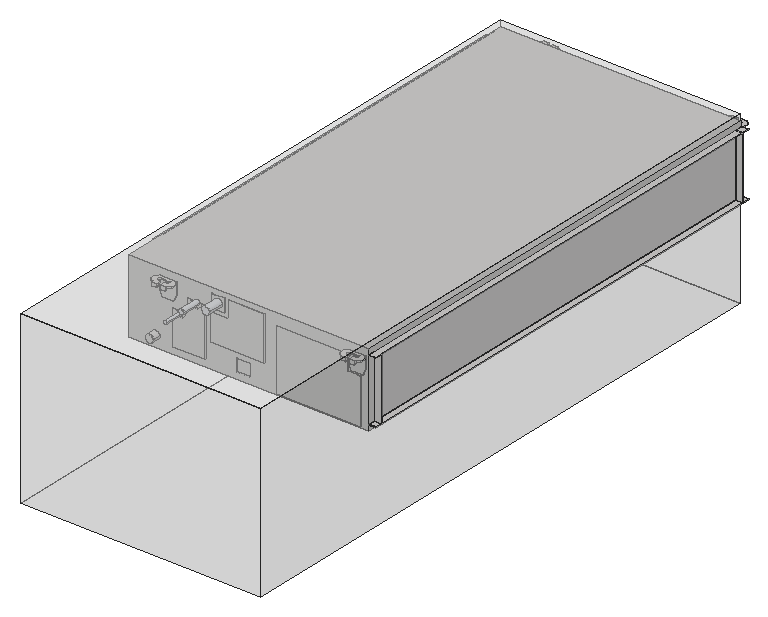
Revit family "outputfile", category 機械設備, Revit 2024
Family settings
  丸型コネクタ寸法 = 半径を使用
  パーツ タイプ = 標準
  OmniClass 番号 = 23.75.10.24.21.27.27
  OmniClass タイトル = Split System Air Conditioning Units
  作業面ベース = いいえ
  常に垂直 = はい
  ロード時にボイドで切り取り = いいえ
  注釈の向きを維持 = いいえ
  共有 = いいえ
  部屋計算ポイント = はい
Parameters (values of type "FXSQ140PAVS")
  Description = ""
  製造元 = "Daikin"
  書き出し IFC クラス(タイプ) = "IfcUnitaryEquipmentType"
  定義済み IFC タイプ(タイプ) = "AIRCONDITIONINGUNIT"
  Cost = 0
  モデル = "FXSQ140PAVS"
  Type Comments = ""
  Keynote = ""
  Type Image = (empty or 0)
  Assembly Code = ""
  r_Liquid Pipe Size = Liquid Pipe Size / 2  # 4.75 mm
  r_Gas Pipe Size = Gas Pipe Size / 2  # 7.95 mm
  r_Drain Pipe Size = Drain Pipe Size / 2  # 12.5 mm
  lw_power = 770.0 mm  # constant formula
  lh_SA = 138.0 mm  # constant formula
  lw_SA = if(Depth = 550.0 mm, 225.0 mm, if(Depth = 700.0 mm, 300.0 mm, if(Depth = 1000.0 mm, 450.0 mm, if(Depth = 1400.0 mm, 650.0 mm, 725.0 mm))))  # 725.0 mm
  lw_RA = if(Depth = 550.0 mm, 275.0 mm, if(Depth = 700.0 mm, 349.0 mm, if(Depth = 1000.0 mm, 499.0 mm, if(Depth = 1400.0 mm, 699.0 mm, 775.0 mm))))  # 775.0 mm
  lh_power = 60.0 mm + [h***]  # 60.0 mm
  lh_mountinghole1 = lh_mountinghole + [h***]  # 222.0 mm
  lh_RA = 123.0 mm  # constant formula
  ld_power = Depth / 2  # 775.0 mm
  Voltage_comment_50Hz = "220-240"
  Voltage_50Hz = 220 V
  URL = ""
  Supply Air Direction [instance] = yes
  Sound Power Level_H speed (dB) = 71
  Phase_50Hz = 1
  Minimum External Static Pressure = 50.00 Pa
  Minimum Circuit Amps_50Hz = 3.1 A
  Maximum Fuse Amps_50Hz = 16.0 A
  Maximum External Static Pressure = 140.00 Pa
  Material_Casing = DAIKIN_GalvanizedSteel_Casing_indoorunit
  lw_mountinghole = 630.0 mm  # constant formula
  lh_gaspipe = 183.0 mm + [h***]  # 183.0 mm
  lh_mountinghole = 222.0 mm  # constant formula
  lh_liquidpipe = 136.0 mm + [h***]  # 136.0 mm
  lh_drainpipe = 207.0 mm + [h***]  # 207.0 mm
  lh_antena = Height - lh_mountinghole + 1.0 mm  # 24.0 mm
  ld_drainpipe = Depth / 2 + 53.0 mm  # 828.0 mm
  ld_liquidpipe = Depth / 2 + 69.0 mm  # 844.0 mm
  ld_gaspipe = Depth / 2 + 65.0 mm  # 840.0 mm
  ld_mountinghole = Depth + 38.0 mm  # 1588.0 mm
  h*** = 0.0 mm  # constant formula
  lw_liquidpipe = 179.0 mm  # constant formula
  lw_gaspipe = 229.0 mm  # constant formula
  lw_drainpipe = 300.0 mm  # constant formula
  Width = 800.0 mm
  Version = "ver.1.0"
  Unit Type = "Middle Static Pressure Duct Type"
  Unit Mass Weight = 52.00 kg
  Unit Designation [instance] = ""
  Uniclass2015Version = "Products v1.30"
  Uniclass2015Title = "Variable refrigerant flow units"
  Uniclass2015Code = "Pr_70_65_03_94"
  Total Heating Capacity [instance] = 0.000 kW
  Total Cooling Capacity [instance] = 0.000 kW
  Sound Pressure Level_M speed (dBA) = 0
  Sound Pressure Level_L speed (dBA) = 36
  Sound Pressure Level_H speed (dBA) = 43
  Series = "VRV Fan Coil Unit"
  Sensible Cooling Capacity [instance] = 0.000 kW
  SA Duct Size Width = if(Depth = 550.0 mm, 337.0 mm, if(Depth = 700.0 mm, 492.0 mm, if(Depth = 1000.0 mm, 792.0 mm, if(Depth = 1400.0 mm, 1192.0 mm, 1337.0 mm))))  # 1337.0 mm
  SA Duct Size Height = 176.0 mm
  Refrigerant Type = "R410A"
  RA Duct Size Width = if(Depth = 550.0 mm, 502.0 mm, if(Depth = 700.0 mm, 654.0 mm, if(Depth = 1000.0 mm, 952.0 mm, if(Depth = 1400.0 mm, 1352.0 mm, 1502.0 mm))))  # 1502.0 mm
  RA Duct Size Height = 208.0 mm
  Power Input (Heating) = 0.406 kW
  Power Input (Cooling) = 0.411 kW
  Option Accessory 3 [instance] = ""
  Option Accessory 2 [instance] = ""
  Option Accessory 1 [instance] = ""
  Nominal Heating Capacity = 18.000 kW
  Nominal Cooling Capacity = 16.000 kW
  Minimum Airflow = 1680.00 m³/h
  Median Airflow = 2010.00 m³/h
  Maximum Airflow = 2340.00 m³/h
  Load Classification = HVAC
  Liquid Pipe Size = 9.5 mm
  Link_Nested Family [instance] = ""
  IfcVersion = "0"
  IfcExportType = "AIRCONDITIONINGUNIT"
  IfcExportAs = "IfcUnitaryEquipmentType"
  Height = 245.0 mm
  Heating Entering Wet Bulb Temperature [instance] = 0.00 °C
  Heating Entering Dry Bulb Temperature [instance] = 0.00 °C
  Heating Ambient Wet Bulb Temperature [instance] = 0.00 °C
  Heating Ambient Dry Bulb Temperature [instance] = 0.00 °C
  Heat Exchanger Type = "Cross Fin Coil"
  Gas Pipe Size = 15.9 mm
  Frequency_50Hz = 50 Hz
  Fan Type = "Sirocco Fan"
  Fan Drive = "Direct Drive"
  FCU Tag No. [instance] = ""
  Drain Pipe Size = 25.0 mm
  Design Supply Airflow [instance] = 0.00 m³/h
  Design Return Airflow [instance] = 0.00 m³/h
  Design External Static Pressure [instance] = 0.00 Pa
  Depth = 1550.0 mm
  既定の高さ = 0.0 mm
  Cooling Entering Wet Bulb Temperature [instance] = 0.00 °C
  Cooling Entering Dry Bulb Temperature [instance] = 0.00 °C
  Cooling Ambient Wet Bulb Temperature [instance] = 0.00 °C
  Cooling Ambient Dry Bulb Temperature [instance] = 0.00 °C
  Clearance visibility [instance] = yes
  Clearance Top = 20.0 mm
  Clearance Right = 0.0 mm
  Clearance Rear = 0.0 mm
  Clearance Left = 0.0 mm
  Clearance Front = 450.0 mm
  Clearance Bottom = 300.0 mm
Reference planes
  plane 1 "Center (Front/Back)": y = 0
  plane 2 "h": z = 0
  plane 3 "Center (Left/Right)": x = 0
  plane 4 "Back": y = 775
  plane 5 "Front": y = -775
  plane 6 "Left": x = -400
  plane 7 "Reight": x = 400
  plane 8 "Top": z = 0
  plane 9 "Bottom": z = -245
  plane 10: y = -215
  plane 11: y = 775
  plane 12: y = -1225
  plane 13: x = -400
  plane 14: x = 400
  plane 15: z = 20
  plane 16: z = -545
  plane 17: x = -400
  plane 18: x = -399
  plane 19: x = 399
  plane 20: y = 50
  plane 21: y = 0
  plane 22: z = -122
  plane 23: y = -776
  plane 24: z = -109
  plane 25: x = -221
  plane 26: y = -840
  plane 27: z = -62
  plane 28: x = -171
  plane 29: y = -828
  plane 30: z = -38
  plane 31: x = -100
  plane 32: x = -100
  plane 33: x = -221
  plane 34: x = -171
  plane 35: x = 370
  plane 36: x = -266
  plane 37: x = 364
  plane 38: y = -794
  plane 39: y = 794
  plane 40: z = -23
  plane 41: z = -107
  plane 42: y = -844
  plane 43: z = -207
  plane 44: x = -309
  plane 45: y = -801
  plane 46: x = -251
  plane 47: x = -203
  plane 48: x = -144
  plane 49: z = -59
  plane 50: z = -106
  plane 51: z = -221
  plane 52: z = -109
  plane 53: x = -221
  plane 54: z = -62
  plane 55: x = -171
  plane 56: z = -17
  plane 57: z = -59
  plane 58: x = -121
  plane 59: x = -79
  plane 60: x = -125
  plane 61: x = -64
  plane 62: x = 53
  plane 63: z = -164
  plane 64: z = -73
  plane 65: z = -16
  plane 66: x = 93.5
  plane 67: x = 374.5
  plane 68: x = 330
  plane 69: z = -88.5
  plane 70: z = -38
  plane 71: z = -242.5
  plane 72: x = -38.5
  plane 73: x = 6.5
  plane 74: z = -181
  plane 75: z = -221
  plane 76: y = -774
  plane 77: x = -424
  plane 78: x = 424
Forms (mm)
  Extrusion 1, solid, material "DAIKIN_GalvanizedSteel_Casing_indoorunit" <- "Material_Casing"
    sketch origin (0, 0, 0) x (1, 0, 0) y (0, 1, 0)
      loop
        line (-399, 775) -> (-399, -775) -> (399, -775) -> (399, 775) -> (-399, 775)
    from -245 to 0
  Extrusion 2, solid, material "DAIKIN_GalvanizedSteel_Casing_indoorunit" <- "Material_Casing"
    sketch origin (0, 0, 0) x (1, 0, 0) y (0, 0, 1)
      loop
        line (-251, -221) -> (-144, -221) -> (-144, -59) -> (-154.47, -59)
        arc (-154.47, -59) -> (-171, -78.8) -> (-187.53, -59) r 16.8
        line (-187.53, -59) -> (-203, -59) -> (-203, -106) -> (-206.916, -106)
        arc (-206.916, -106) -> (-221, -123.4) -> (-235.084, -106) r 14.4
        line (-235.084, -106) -> (-251, -106) -> (-251, -221)
    from 775 to 776
  Extrusion 3, solid, material "DAIKIN_GalvanizedSteel_Casing_indoorunit" <- "Material_Casing"
    sketch origin (0, 0, 0) x (1, 0, 0) y (0, 0, 1)
      loop
        line (-121, -17) -> (-121, -59) -> (-79, -59) -> (-79, -17) -> (-121, -17)
      loop
        line (-125, -73) -> (-125, -164) -> (53, -164) -> (53, -16) -> (-64, -16) -> (-64, -73) -> (-125, -73)
    from 775 to 776
  Extrusion 4, solid, material "DAIKIN_GalvanizedSteel_Casing_indoorunit" <- "Material_Casing"
    sketch origin (0, 0, 0) x (1, 0, 0) y (0, 0, 1)
      loop
        line (93.5, -38) -> (93.5, -242.5) -> (374.5, -242.5) -> (374.5, -88.5) -> (330, -88.5) -> (330, -38) -> (93.5, -38)
    from 775 to 776
  Extrusion 5, solid
    sketch origin (0, 0, 0) x (1, 0, 0) y (0, 0, 1)
      loop
        circle (-221, -109) r 4.75
    from 775 to 844
  Extrusion 6, solid
    sketch origin (0, 0, 0) x (1, 0, 0) y (0, 0, 1)
      loop
        circle (-171, -62) r 7.95
    from 775 to 840
  Extrusion 7, solid
    sketch origin (0, 0, 0) x (1, 0, 0) y (0, 0, 1)
      loop
        circle (-100, -38) r 12.5
    from 776 to 828
  Extrusion 8, solid, material "DAIKIN_GalvanizedSteel_Casing_indoorunit" <- "Material_Casing"
    sketch origin (0, 0, 0) x (1, 0, 0) y (0, 0, 1)
      loop
        circle (-309, -207) r 13
    from 775 to 801
  Extrusion 9, void
    sketch origin (0, 0, 0) x (1, 0, 0) y (0, 0, 1)
      loop
        line (-38.5, -181) -> (-38.5, -221) -> (6.5, -221) -> (6.5, -181) -> (-38.5, -181)
    from 774 to 775
Cuts and joins
  Extrusion 9 cuts Extrusion 1
Dimensions and locks
  "Height": plane 8 "Top" to plane 9 "Bottom"
  equal spacing: plane 4 "Back", plane 1 "Center (Front/Back)", plane 5 "Front"
  "Depth": plane 4 "Back" to plane 5 "Front"
  equal spacing: plane 6 "Left", plane 3 "Center (Left/Right)", plane 7 "Reight"
  "Width": plane 6 "Left" to plane 7 "Reight"
  "Clearance Left": plane 13 to plane 6 "Left"
  "Clearance Right": plane 7 "Reight" to plane 14
  "Clearance Rear": plane 11 to plane 4 "Back"
  "Clearance Front": plane 5 "Front" to plane 12
  "Clearance Top": plane 15 to plane 8 "Top"
  "Clearance Bottom": plane 9 "Bottom" to plane 16
  locked: plane 17 to plane 18 at 1
  locked: plane 19 to plane 14 at 1
  "lw_SA": plane 11 to plane 20
  "lw_RA": plane 21 to plane 5 "Front"
  "lh_RA": plane 22 to plane 9 "Bottom"
  locked: plane 5 "Front" to plane 23 at 1
  "lw_liquidpipe": plane 25 to plane 6 "Left"
  "lh_liquidpipe": plane 24 to plane 9 "Bottom"
  "lh_gaspipe": plane 27 to plane 9 "Bottom"
  "lw_gaspipe": plane 28 to plane 6 "Left"
  "ld_gaspipe": plane 26 to plane 1 "Center (Front/Back)"
  "ld_drainpipe": plane 29 to plane 1 "Center (Front/Back)"
  "lh_drainpipe": plane 30 to plane 9 "Bottom"
  "lw_drainpipe": plane 31 to plane 6 "Left"
  "lw_drainpipe": plane 6 "Left" to plane 32
  "lw_liquidpipe": plane 6 "Left" to plane 33
  "lw_gaspipe": plane 6 "Left" to plane 34
  "lw_power": plane 6 "Left" to plane 35
  locked: plane 17 to plane 36 at 134
  "lw_mountinghole": plane 36 to plane 37
  equal spacing: plane 38, plane 1 "Center (Front/Back)", plane 39
  "ld_mountinghole": plane 39 to plane 38
  "lh_mountinghole": plane 40 to plane 9 "Bottom"
  "lh_SA": plane 41 to plane 9 "Bottom"
  "ld_liquidpipe": plane 21 to plane 42
  locked: plane 44 to plane 6 "Left" at 91
  locked: plane 43 to plane 9 "Bottom" at 38
  locked: plane 5 "Front" to plane 45 at 26
  plane 48 to plane 47 to plane 46 to plane 6 "Left" = 59.0 mm, 48.0 mm, 149.0 mm
  plane 8 "Top" to plane 49 to plane 50 to plane 51 = 59.0 mm locked, 47.0 mm locked, 115.0 mm locked
  plane 55 to plane 53 to plane 6 "Left" = 50.0 mm locked, 179.0 mm locked
  plane 54 to plane 52 to plane 9 "Bottom" = 47.0 mm locked, 136.0 mm locked
  plane 59 to plane 58 to plane 6 "Left" = 42.0 mm locked, 279.0 mm locked
  plane 8 "Top" to plane 56 to plane 57 = 17.0 mm locked, 42.0 mm locked
  plane 62 to plane 61 to plane 60 to plane 6 "Left" = 117.0 mm, 61.0 mm, 275.0 mm
  plane 8 "Top" to plane 65 to plane 64 = 16.0 mm locked, 57.0 mm locked
  locked: plane 65 to plane 63 at 148
  plane 8 "Top" to plane 70 to plane 69 to plane 71 = 38.0 mm locked, 50.5 mm locked, 154.0 mm locked
  plane 67 to plane 68 to plane 66 to plane 6 "Left" = 44.5 mm locked, 236.5 mm locked, 493.5 mm locked
  plane 8 "Top" to plane 74 to plane 75 = 181.0 mm locked, 40.0 mm locked
  plane 73 to plane 72 to plane 6 "Left" = 45.0 mm, 361.5 mm
  locked: plane 76 to plane 5 "Front" at 1
  locked: plane 77 to plane 17 at 24
  locked: plane 14 to plane 78 at 24
  "r_Liquid Pipe Size": radius of Extrusion 5 sketch curve
  "r_Gas Pipe Size": radius of Extrusion 6 sketch curve
  "r_Drain Pipe Size": radius of Extrusion 7 sketch curve
  aligned and locked: level to plane 2 "h"
  aligned and locked: plane 8 "Top" to Extrusion 1
  aligned and locked: Extrusion 1 to plane 9 "Bottom"
  aligned and locked: nested 5 to plane 12
  aligned and locked: plane 13 to nested 5
  aligned and locked: plane 14 to nested 5
  aligned and locked: nested 5 to plane 13
  aligned and locked: plane 11 to nested 5
  aligned and locked: plane 15 to nested 5
  aligned and locked: plane 16 to nested 5
  aligned and locked: plane 5 "Front" to Extrusion 1 sketch curve
  aligned and locked: Extrusion 1 to plane 18
  aligned and locked: plane 19 to Extrusion 1
  aligned and locked: nested 7 to plane 18
  aligned and locked: nested 7 to plane 20
  aligned and locked: plane 19 to nested 8
  aligned and locked: plane 21 to nested 8
  aligned and locked: plane 22 to nested 8
  aligned and locked: Extrusion 2 to plane 23
  aligned and locked: plane 5 "Front" to Extrusion 2
  aligned and locked: Extrusion 3 to plane 23
  aligned and locked: plane 5 "Front" to Extrusion 3
  aligned and locked: plane 5 "Front" to Extrusion 4
  aligned and locked: Extrusion 5 sketch curve to plane 25
  aligned and locked: plane 24 to Extrusion 5 sketch curve
  aligned and locked: plane 5 "Front" to Extrusion 5
  aligned and locked: Extrusion 6 sketch curve to plane 28
  aligned and locked: plane 27 to Extrusion 6 sketch curve
  aligned and locked: plane 5 "Front" to Extrusion 6
  aligned and locked: Extrusion 7 sketch curve to plane 31
  aligned and locked: Extrusion 7 sketch curve to plane 30
  aligned and locked: Extrusion 7 to plane 29
  aligned and locked: plane 23 to Extrusion 7
  aligned and locked: nested 3 to plane 29
  aligned and locked: nested 3 to plane 32
  aligned and locked: nested 2 to plane 33
  aligned and locked: nested 1 to plane 34
  aligned and locked: Extrusion 6 to plane 26
  aligned and locked: nested 1 to plane 26
  aligned and locked: nested 6 to plane 5 "Front"
  aligned and locked: nested 6 to plane 35
  aligned and locked: plane 36 to nested 10
  aligned and locked: nested 10 to plane 5 "Front"
  aligned and locked: plane 37 to nested 9
  aligned and locked: nested 9 to plane 5 "Front"
  aligned and locked: nested 11 to plane 36
  aligned and locked: plane 4 "Back" to nested 11
  aligned and locked: nested 12 to plane 37
  aligned and locked: plane 4 "Back" to nested 12
  aligned and locked: plane 40 to nested 10
  aligned and locked: plane 40 to nested 11
  aligned and locked: plane 40 to nested 9
  aligned and locked: plane 40 to nested 12
  aligned and locked: plane 36 to nested 14
  aligned and locked: nested 14 to plane 39
  aligned and locked: plane 37 to nested 13
  aligned and locked: nested 13 to plane 39
  aligned and locked: plane 37 to nested 16
  aligned and locked: plane 38 to nested 16
  aligned and locked: plane 38 to nested 15
  aligned and locked: plane 36 to nested 15
  aligned and locked: plane 17 to plane 6 "Left"
  aligned and locked: plane 41 to nested 7
  aligned and locked: Extrusion 5 to plane 42
  aligned and locked: nested 2 to plane 42
  aligned and locked: Extrusion 8 sketch curve to plane 44
  aligned and locked: plane 43 to Extrusion 8 sketch curve
  aligned and locked: plane 5 "Front" to Extrusion 8
  aligned and locked: plane 45 to Extrusion 8
  aligned and locked: Extrusion 3 sketch curve to plane 56
  aligned and locked: Extrusion 3 sketch curve to plane 58
  aligned and locked: plane 57 to Extrusion 3 sketch curve
  aligned and locked: plane 59 to Extrusion 3 sketch curve
  aligned and locked: Extrusion 4 to plane 23
  aligned and locked: Extrusion 9 sketch curve to plane 74
  aligned and locked: plane 75 to Extrusion 9 sketch curve
  aligned and locked: plane 73 to Extrusion 9 sketch curve
  aligned and locked: plane 5 "Front" to Extrusion 9
  aligned and locked: plane 76 to Extrusion 9
  aligned and locked: nested 17 to plane 20
  aligned and locked: nested 17 to plane 77
  aligned and locked: plane 21 to nested 18
  aligned and locked: plane 78 to nested 18
  aligned and locked: plane 41 to nested 17
  aligned and locked: nested 18 to plane 22
  aligned and locked: nested 4 to plane 3 "Center (Left/Right)"
  aligned and locked: plane 1 "Center (Front/Back)" to nested 4
  aligned and locked: level to plane 8 "Top"
Automatic sketch dimensions
  plane 6 "Left" to Extrusion 1 sketch curve = 1.0 mm
  Extrusion 1 sketch curve to plane 7 "Reight" = 1.0 mm
  Extrusion 1 sketch curve to plane 4 "Back" = 0.0 mm
  Extrusion 2 sketch curve to plane 46 = 0.0 mm
  Extrusion 2 sketch curve to plane 33 = 0.0 mm
  Extrusion 2 sketch curve to plane 47 = 0.0 mm
  Extrusion 2 sketch curve to plane 34 = 0.0 mm
  Extrusion 2 sketch curve to plane 48 = 0.0 mm
  Extrusion 2 sketch curve to plane 51 = 0.0 mm
  Extrusion 2 sketch curve to plane 52 = 0.0 mm
  Extrusion 2 sketch curve to plane 50 = 0.0 mm  (x3)
  Extrusion 2 sketch curve to plane 54 = 0.0 mm
  Extrusion 2 sketch curve to plane 49 = 0.0 mm  (x3)
  plane 33 to Extrusion 2 sketch curve = 14.084 mm
  plane 34 to Extrusion 2 sketch curve = 16.53 mm
  Extrusion 3 sketch curve to plane 60 = 0.0 mm
  Extrusion 3 sketch curve to plane 61 = 0.0 mm
  Extrusion 3 sketch curve to plane 62 = 0.0 mm
  Extrusion 3 sketch curve to plane 63 = 0.0 mm
  Extrusion 3 sketch curve to plane 64 = 0.0 mm
  Extrusion 3 sketch curve to plane 65 = 0.0 mm
  Extrusion 4 sketch curve to plane 66 = 0.0 mm
  Extrusion 4 sketch curve to plane 68 = 0.0 mm
  Extrusion 4 sketch curve to plane 67 = 0.0 mm
  Extrusion 4 sketch curve to plane 71 = 0.0 mm
  Extrusion 4 sketch curve to plane 69 = 0.0 mm
  Extrusion 4 sketch curve to plane 70 = 0.0 mm
  Extrusion 9 sketch curve to plane 72 = 0.0 mm
  radius of Extrusion 8 sketch curve = 13.0 mm
Nested families
  nested 1: "daikin_connector_rotate2" at (-171, 0, -62), length <- "ld_gaspipe", built-in parameter 1001364 <- "lh_gaspipe", radius <- "r_Gas Pipe Size", type "daikin_connector_rotate2"
    with radius 7.95 mm, length 840.0 mm, angle_vertical 90.00°
  nested 2: "daikin_connector_rotate2" at (-221, 0, -109), length <- "ld_liquidpipe", built-in parameter 1001364 <- "lh_liquidpipe", radius <- "r_Liquid Pipe Size", type "daikin_connector_rotate2"
    with radius 4.75 mm, length 844.0 mm, angle_vertical 90.00°
  nested 3: "daikin_connector_rotate2" at (-100, 0, -38), length <- "ld_drainpipe", built-in parameter 1001364 <- "lh_drainpipe", radius <- "r_Drain Pipe Size", type "daikin_connector_rotate2"
    with radius 12.5 mm, length 828.0 mm, angle_vertical 90.00°
  nested 4: "daikin_△_symbolicline" at (0, 0, 245) x (0, -1, 0) z (0, 0, 1), built-in parameter 1001364 <- "Height", visible <- "Supply Air Direction", type "daikin_△_symbolicline"
    with length 200.0 mm
  nested 5: "daikin_clearancespace" at (0, -225, -262.381), visible <- "Clearance visibility", show <- "Clearance visibility", Link_Nested Family <- "Link_Nested Family", type "daikin_clearancespace"
    with width 800.0 mm, show yes, height 565.0 mm, depth 2000.0 mm, Link_Nested Family ""
  nested 6: "daikin_connector_rotate2" at (370, 0, -185), built-in parameter 1001364 <- "lh_power", length <- "ld_power", type "daikin_connector_rotate2"
    with radius 10.0 mm, length 775.0 mm, angle_vertical 90.00°
  nested 7: "daikin_ductflange_FXSQ-PAVS2" at (-399, 50, -107) x (0, -1, 0) z (0, 0, 1), type "daikin_ductflange_FXSQ-PAVS2"
    with width 1337.0 mm, w 1550.0 mm
  nested 8: "daikin_ductflange_FXSQ-PAVS" at (399, 0, -122) x (0, 1, 0) z (0, 0, 1), type "daikin_ductflange_FXSQ-PAVS"
    with width 1502.0 mm, w 1550.0 mm
  nested 9: "daikin_hangerfixture_FXSQ-PAVS" at (364, -775, -23), type "daikin_hangerfixture_FXSQ-PAVS"
  nested 10: "daikin_hangerfixture_FXSQ-PAVS" at (-266, -775, -23), type "daikin_hangerfixture_FXSQ-PAVS"
  nested 11: "daikin_hangerfixture_FXSQ-PAVS" at (-266, 775, -23) x (-1, 0, 0) z (0, 0, 1), type "daikin_hangerfixture_FXSQ-PAVS"
  nested 12: "daikin_hangerfixture_FXSQ-PAVS" at (364, 775, -23) x (-1, 0, 0) z (0, 0, 1), type "daikin_hangerfixture_FXSQ-PAVS"
  nested 13: "daikin_mountinghole" at (364, 794, -245), h_mountinghole <- "lh_mountinghole1", l_antenna <- "lh_antena", Link_Nested Family <- "Link_Nested Family", type "daikin_mountinghole"
    with show yes, l_antenna 24.0 mm, h_mountinghole 222.0 mm, Link_Nested Family ""
  nested 14: "daikin_mountinghole" at (-266, 794, -245), h_mountinghole <- "lh_mountinghole1", l_antenna <- "lh_antena", Link_Nested Family <- "Link_Nested Family", type "daikin_mountinghole"
    with show yes, l_antenna 24.0 mm, h_mountinghole 222.0 mm, Link_Nested Family ""
  nested 15: "daikin_mountinghole" at (-266, -794, -245), h_mountinghole <- "lh_mountinghole1", l_antenna <- "lh_antena", Link_Nested Family <- "Link_Nested Family", type "daikin_mountinghole"
    with show yes, l_antenna 24.0 mm, h_mountinghole 222.0 mm, Link_Nested Family ""
  nested 16: "daikin_mountinghole" at (364, -794, -245), h_mountinghole <- "lh_mountinghole1", l_antenna <- "lh_antena", Link_Nested Family <- "Link_Nested Family", type "daikin_mountinghole"
    with show yes, l_antenna 24.0 mm, h_mountinghole 222.0 mm, Link_Nested Family ""
  nested 17: "daikin_connector_rotate2" at (-400, 50, -107) x (0, -1, 0) z (0, 0, 1), type "daikin_connector_rotate2"
    with radius 10.0 mm, length 24.0 mm, angle_vertical 90.00°
  nested 18: "daikin_connector_rotate2" at (400, 0, -122) x (0, 1, 0) z (0, 0, 1), type "daikin_connector_rotate2"
    with radius 10.0 mm, length 24.0 mm, angle_vertical 90.00°
Connectors
  piping at (-100, -828, -38), diameter 25, driven by "r_Drain Pipe Size"
    settings: on nested 3, index 3, connector inside diameter 609.6 mm, connector length 0.0 mm, flow factor 0, pipe flow 0.00 m³/h, pressure drop 0.0 Pa, fitting loss kfactor 0, connector angle 0.00°, fixture units 0, engagement length 0.0 mm, angle of deflection 0.00°, flow configuration 1, flow direction 2, fitting loss method 4, system type 16, joint type 0, gender type 0, connector reference index -1, connector utility 0, adjustable connector no, is connector primary yes, connector description "Condensate Drain Piping"
  piping at (-171, -840, -62), diameter 15.9, driven by "r_Gas Pipe Size"
    settings: on nested 1, index 4, connector inside diameter 609.6 mm, connector length 0.0 mm, flow factor 0, pipe flow 0.00 m³/h, pressure drop 0.0 Pa, fitting loss kfactor 0, connector angle 0.00°, fixture units 0, engagement length 0.0 mm, angle of deflection 0.00°, flow configuration 1, flow direction 2, fitting loss method 0, system type 29, joint type 0, gender type 0, connector reference index -1, connector utility 0, adjustable connector no, is connector primary no, connector description "Refrigerant Gas Piping"
  piping at (-221, -844, -109), diameter 9.5, driven by "r_Liquid Pipe Size"
    settings: on nested 2, index 5, connector inside diameter 609.6 mm, connector length 0.0 mm, flow factor 0, pipe flow 0.00 m³/h, pressure drop 0.0 Pa, fitting loss kfactor 0, connector angle 0.00°, fixture units 0, engagement length 0.0 mm, angle of deflection 0.00°, flow configuration 1, flow direction 1, fitting loss method 0, system type 29, joint type 0, gender type 0, connector reference index -1, connector utility 0, adjustable connector no, is connector primary no, connector description "Refrigerant Liquid Piping"
  electrical at (370, -775, -185), driven by "Load Classification"
    settings: on nested 6, index 6, voltage 0 V, apparent load 0 VA, apparent load phase1 0 VA, apparent load phase2 0 VA, apparent load phase3 0 VA, power factor 1, load classification "HVAC", number of poles 1, system type 30, power factor state 1, is connector primary yes, connector utility no, sub classification motor no, connector description "Power Supply"
  hvac at (-424, 50, -107), driven by "SA Duct Size Height", driven by "SA Duct Size Width"
    settings: on nested 17, index 7, duct flow 0.00 m³/h, flow factor 0, pres drop 0.00 Pa, loss coef 0, conn angle 0.00°, conn width 1337.0 mm, conn height 176.0 mm, conn diameter 609.6 mm, duct sys type 1, conn prof type 1, flow config 0, flow direction 2, loss method 4, conn ref index -1, conn util no, is conn primary yes, conn desc "SA Duct"
  hvac at (424, 0, -122), driven by "RA Duct Size Height", driven by "RA Duct Size Width"
    settings: on nested 18, index 8, duct flow 0.00 m³/h, flow factor 0, pres drop 0.00 Pa, loss coef 0, conn angle 0.00°, conn width 1502.0 mm, conn height 208.0 mm, conn diameter 609.6 mm, duct sys type 2, conn prof type 1, flow config 0, flow direction 1, loss method 4, conn ref index -1, conn util no, is conn primary no, conn desc "RA Duct"
Definition of nested family "daikin_clearancespace"
  Parameters (values of type "daikin_clearancespace")
    width [instance] = 1823.963 mm
    show [instance] = yes
    material = none
    height [instance] = 1359.762 mm
    depth [instance] = 880.0 mm
    Default Elevation = 0.0 mm
    Link_Nested Family [instance] = ""
  Reference planes
    plane 1 "Center (Front/Back)": y = 0
    plane 2 "Center (Elevation)": z = -0.119
    plane 3 "Center (Left/Right)": x = 0
    plane 4: y = 440
    plane 5: y = -440
    plane 6 "Right": x = 911.982
    plane 7 "Left": x = -911.982
    plane 8 "Top": z = 679.762
    plane 9 "Bottom": z = -680
  Forms (mm)
    Extrusion 1, solid, material <- "material", visible <- "show"
      sketch origin (0, 0, 0) x (1, 0, 0) y (0, 1, 0)
        loop
          line (-911.982, 440) -> (-911.982, -440) -> (911.982, -440) -> (911.982, 440) -> (-911.982, 440)
      from -680 to 679.762
  Lines and regions (mm)
    symbolic lines, visible <- "show"
      curve 1: line (911.982, 440, 0) -> (-911.982, 440, 0)
      curve 2: line (-911.982, 440, 0) -> (-911.982, -440, 0)
      curve 3: line (-911.982, -440, 0) -> (911.982, -440, 0)
      curve 4: line (911.982, -440, 0) -> (911.982, 440, 0)
      curve 5: line (911.982, 0, 679.762) -> (-911.982, 0, 679.762)
      curve 6: line (911.982, 0, -680) -> (911.982, 0, 679.762)
      curve 7: line (-911.982, 0, -680) -> (911.982, 0, -680)
      curve 8: line (-911.982, 0, 679.762) -> (-911.982, 0, -680)
      curve 9: line (0, 440, 679.762) -> (0, -440, 679.762)
      curve 10: line (0, -440, 679.762) -> (0, -440, -680)
      curve 11: line (0, 440, -680) -> (0, 440, 679.762)
      curve 12: line (0, -440, -680) -> (0, 440, -680)
  Dimensions and locks
    "width": plane 7 "Left" to plane 6 "Right"
    "depth": plane 4 to plane 5
    "height": plane 8 "Top" to plane 9 "Bottom"
    equal spacing: plane 7 "Left", plane 3 "Center (Left/Right)", plane 6 "Right"
    equal spacing: plane 4, plane 1 "Center (Front/Back)", plane 5
    equal spacing: plane 8 "Top", plane 2 "Center (Elevation)", plane 9 "Bottom"
    aligned and locked: level to plane 2 "Center (Elevation)"
    aligned and locked: Extrusion 1 sketch curve to plane 4
    aligned and locked: plane 7 "Left" to Extrusion 1 sketch curve
    aligned and locked: Extrusion 1 sketch curve to plane 5
    aligned and locked: Extrusion 1 sketch curve to plane 6 "Right"
    aligned and locked: plane 8 "Top" to Extrusion 1
    aligned and locked: curve 1 to Extrusion 1
    aligned and locked: curve 2 to Extrusion 1
    aligned and locked: curve 3 to Extrusion 1
    aligned and locked: curve 4 to Extrusion 1
    aligned and locked: curve 5 to Extrusion 1
    aligned and locked: curve 6 to Extrusion 1
    aligned and locked: curve 7 to Extrusion 1
    aligned and locked: curve 8 to Extrusion 1
    aligned and locked: curve 9 to Extrusion 1
    aligned and locked: curve 10 to Extrusion 1
    aligned and locked: curve 11 to Extrusion 1
    aligned and locked: curve 12 to Extrusion 1
    aligned and locked: Extrusion 1 to plane 9 "Bottom"
Definition of nested family "daikin_ductflange_FXSQ-PAVS2"
  Parameters (values of type "daikin_ductflange_FXMQ-PAVE2")
    width = if(w = 550.0 mm, 337.0 mm, if(w = 700.0 mm, 492.0 mm, if(w = 1000.0 mm, 792.0 mm, if(w = 1400.0 mm, 1192.0 mm, 1337.0 mm))))  # 337.0 mm
    material = none
    height = 215.0 mm
    depth = 1.0 mm
    w = 550.0 mm
    Default Elevation = 0.0 mm
  Reference planes
    plane 1 "Center (Front/Back)": y = 0
    plane 2: z = 0
    plane 3 "Center (Left/Right)": x = 0
    plane 4: z = 88
    plane 5: z = -88
    plane 6: y = -25
    plane 7: z = 106
    plane 8: z = 89
    plane 9: y = -1
    plane 10: x = -192.5
    plane 11: x = 192.5
    plane 12: z = -106
    plane 13: z = -89
    plane 14: y = -1
    plane 15: x = 168.5
    plane 16: x = -168.5
    plane 17: x = 169.5
    plane 18: z = 87
    plane 19: z = -87
    plane 20: x = -169.5
    plane 21: z = 87
    plane 22: z = -87
    plane 23: y = -1
  Forms (mm)
    Extrusion 1, solid, material <- "material"
      sketch origin (0, 0, 0) x (0, 1, 0) y (0, 0, 1)
        loop
          line (-25, 88) -> (0, 88) -> (0, 106) -> (-1, 106) -> (-1, 89) -> (-25, 89) -> (-25, 88)
      from -192.5 to 192.5
    Extrusion 2, solid, material <- "material"
      sketch origin (0, 0, 0) x (0, 1, 0) y (0, 0, 1)
        loop
          line (-25, -88) -> (-25, -89) -> (-1, -89) -> (-1, -106) -> (0, -106) -> (0, -88) -> (-25, -88)
      from -192.5 to 192.5
    Extrusion 3, solid, material <- "material"
      sketch origin (0, 0, 0) x (1, 0, 0) y (0, 0, 1)
        loop
          line (168.5, 88) -> (168.5, -88) -> (192.5, -88) -> (192.5, -87) -> (169.5, -87) -> (169.5, 87) -> (192.5, 87) -> (192.5, 88) -> (168.5, 88)
      from 0 to 25
    Extrusion 4, solid, material <- "material"
      sketch origin (0, 0, 0) x (1, 0, 0) y (0, 0, 1)
        loop
          line (-192.5, 88) -> (-192.5, 87) -> (-169.5, 87) -> (-169.5, -87) -> (-192.5, -87) -> (-192.5, -88) -> (-168.5, -88) -> (-168.5, 88) -> (-192.5, 88)
      from 0 to 25
    Extrusion 5, solid, material <- "material"
      sketch origin (0, 0, 0) x (1, 0, 0) y (0, 0, 1)
        loop
          line (-192.5, 88) -> (-192.5, -88) -> (-168.5, -88) -> (-168.5, 88) -> (-192.5, 88)
        loop
          line (192.5, 88) -> (168.5, 88) -> (168.5, -88) -> (192.5, -88) -> (192.5, 88)
      from 0 to 1
  Cuts and joins
    joined: Extrusion 1, Extrusion 2, Extrusion 3, Extrusion 4, Extrusion 5
  Dimensions and locks
    plane 4 to level to plane 5 = 88.0 mm, 88.0 mm
    locked: plane 6 to plane 1 "Center (Front/Back)" at 25
    locked: plane 9 to plane 1 "Center (Front/Back)" at 1
    locked: plane 8 to plane 4 at 1
    locked: plane 16 to plane 10 at 24
    locked: plane 17 to plane 15 at 1
    locked: plane 4 to plane 18 at 1
    locked: plane 19 to plane 5 at 1
    "width": plane 15 to plane 16
    plane 4 to plane 5 = 176.0 mm
    locked: plane 16 to plane 20 at 1
    locked: plane 4 to plane 21 at 1
    locked: plane 22 to plane 5 at 1
    locked: plane 23 to plane 1 "Center (Front/Back)" at 1
    plane 4 to level to plane 5 = 88.0 mm locked, 88.0 mm locked
    locked: plane 5 to plane 13 at 1
    locked: plane 5 to plane 12 at 18
    locked: plane 7 to plane 4 at 18
    equal spacing: plane 15, plane 3 "Center (Left/Right)", plane 16
    locked: plane 11 to plane 15 at 24
    plane 11 to plane 10 = 385.0 mm
    aligned and locked: level to plane 2
    aligned and locked: Extrusion 1 to plane 10
    aligned and locked: plane 11 to Extrusion 1
    aligned and locked: plane 5 to Extrusion 2
    aligned and locked: Extrusion 2 to plane 1 "Center (Front/Back)"
    aligned and locked: plane 15 to Extrusion 3 sketch curve
    aligned and locked: Extrusion 3 sketch curve to Extrusion 2  (x2)
    aligned and locked: Extrusion 3 sketch curve to plane 11
    aligned and locked: plane 6 to Extrusion 3
    aligned and locked: Extrusion 2 to plane 10
    aligned and locked: plane 11 to Extrusion 2
    aligned and locked: Extrusion 4 sketch curve to Extrusion 1  (x2)
    aligned and locked: plane 5 to Extrusion 4 sketch curve
    aligned and locked: Extrusion 4 sketch curve to plane 16
    aligned and locked: Extrusion 4 sketch curve to plane 22
    aligned and locked: plane 20 to Extrusion 4 sketch curve
    aligned and locked: plane 21 to Extrusion 4 sketch curve
    aligned and locked: Extrusion 4 to plane 1 "Center (Front/Back)"
    aligned and locked: plane 6 to Extrusion 4
    aligned and locked: Extrusion 5 sketch curve to Extrusion 1  (x4)
    aligned and locked: Extrusion 5 sketch curve to Extrusion 4  (x2)
    aligned and locked: Extrusion 5 sketch curve to Extrusion 3  (x2)
    aligned and locked: Extrusion 5 to plane 1 "Center (Front/Back)"
    aligned and locked: plane 23 to Extrusion 5
  Automatic sketch dimensions
    Extrusion 1 sketch curve to plane 6 = 0.0 mm
    Extrusion 1 sketch curve to plane 7 = 0.0 mm
    Extrusion 1 sketch curve to plane 9 = 0.0 mm
    Extrusion 1 sketch curve to plane 1 "Center (Front/Back)" = 0.0 mm
    Extrusion 1 sketch curve to plane 4 = 0.0 mm
    Extrusion 1 sketch curve to plane 8 = 0.0 mm
    Extrusion 2 sketch curve to plane 6 = 0.0 mm
    plane 12 to Extrusion 2 sketch curve = 0.0 mm
    Extrusion 2 sketch curve to plane 14 = 0.0 mm
    Extrusion 2 sketch curve to plane 1 "Center (Front/Back)" = 0.0 mm
    plane 13 to Extrusion 2 sketch curve = 0.0 mm
    Extrusion 2 sketch curve to plane 5 = 0.0 mm
    Extrusion 3 sketch curve to plane 17 = 0.0 mm
    Extrusion 3 sketch curve to plane 19 = 0.0 mm
    Extrusion 3 sketch curve to plane 18 = 0.0 mm
    Extrusion 3 sketch curve to plane 4 = 0.0 mm
    Extrusion 4 sketch curve to plane 10 = 0.0 mm
Definition of nested family "daikin_ductflange_FXSQ-PAVS"
  Parameters (values of type "daikin_ductflange_FXMQ-PAVE")
    width = if(w = 550.0 mm, 502.0 mm, if(w = 700.0 mm, 654.0 mm, if(w = 1000.0 mm, 952.0 mm, if(w = 1400.0 mm, 1352.0 mm, 1502.0 mm))))  # 502.0 mm
    material = none
    height = 208.0 mm
    depth = 1.0 mm
    w = 550.0 mm
    Default Elevation = 0.0 mm
  Reference planes
    plane 1 "Center (Front/Back)": y = 0
    plane 2: z = 0
    plane 3 "Center (Left/Right)": x = 0
    plane 4: z = 104
    plane 5: z = -104
    plane 6: y = -25
    plane 7: z = 121
    plane 8: z = 105
    plane 9: y = -1
    plane 10: x = -275
    plane 11: x = 275
    plane 12: z = -122
    plane 13: z = -105
    plane 14: y = -1
    plane 15: x = 251
    plane 16: x = -251
    plane 17: x = 252
    plane 18: z = 103
    plane 19: z = -103
    plane 20: x = -252
    plane 21: z = 103
    plane 22: z = -103
    plane 23: y = -1
  Forms (mm)
    Extrusion 1, solid, material <- "material"
      sketch origin (0, 0, 0) x (0, 1, 0) y (0, 0, 1)
        loop
          line (-25, 104) -> (0, 104) -> (0, 121) -> (-1, 121) -> (-1, 105) -> (-25, 105) -> (-25, 104)
      from -275 to 275
    Extrusion 2, solid, material <- "material"
      sketch origin (0, 0, 0) x (0, 1, 0) y (0, 0, 1)
        loop
          line (-25, -104) -> (-25, -105) -> (-1, -105) -> (-1, -122) -> (0, -122) -> (0, -104) -> (-25, -104)
      from -275 to 275
    Extrusion 3, solid, material <- "material"
      sketch origin (0, 0, 0) x (1, 0, 0) y (0, 0, 1)
        loop
          line (251, 104) -> (251, -104) -> (275, -104) -> (275, -103) -> (252, -103) -> (252, 103) -> (275, 103) -> (275, 104) -> (251, 104)
      from 0 to 25
    Extrusion 4, solid, material <- "material"
      sketch origin (0, 0, 0) x (1, 0, 0) y (0, 0, 1)
        loop
          line (-275, 104) -> (-275, 103) -> (-252, 103) -> (-252, -103) -> (-275, -103) -> (-275, -104) -> (-251, -104) -> (-251, 104) -> (-275, 104)
      from 0 to 25
    Extrusion 5, solid, material <- "material"
      sketch origin (0, 0, 0) x (1, 0, 0) y (0, 0, 1)
        loop
          line (-275, 104) -> (-275, -104) -> (-251, -104) -> (-251, 104) -> (-275, 104)
        loop
          line (275, 104) -> (251, 104) -> (251, -104) -> (275, -104) -> (275, 104)
      from 0 to 1
  Cuts and joins
    joined: Extrusion 1, Extrusion 2, Extrusion 3, Extrusion 4, Extrusion 5
  Dimensions and locks
    plane 4 to level to plane 5 = 104.0 mm, 104.0 mm
    locked: plane 6 to plane 1 "Center (Front/Back)" at 25
    locked: plane 9 to plane 1 "Center (Front/Back)" at 1
    locked: plane 8 to plane 4 at 1
    locked: plane 11 to plane 15 at 24
    locked: plane 16 to plane 10 at 24
    locked: plane 17 to plane 15 at 1
    locked: plane 4 to plane 18 at 1
    locked: plane 19 to plane 5 at 1
    "width": plane 15 to plane 16
    equal spacing: plane 15, plane 3 "Center (Left/Right)", plane 16
    locked: plane 16 to plane 20 at 1
    locked: plane 4 to plane 21 at 1
    locked: plane 22 to plane 5 at 1
    locked: plane 23 to plane 1 "Center (Front/Back)" at 1
    locked: plane 7 to plane 4 at 17
    locked: plane 1 "Center (Front/Back)" to plane 14 at 1
    locked: plane 5 to plane 13 at 1
    "height": plane 4 to plane 5
    plane 11 to plane 10 = 550.0 mm
    locked: plane 12 to plane 13 at 17
    equal spacing: plane 4, level, plane 5
    aligned and locked: level to plane 2
    aligned and locked: Extrusion 1 to plane 10
    aligned and locked: plane 11 to Extrusion 1
    aligned and locked: plane 5 to Extrusion 2
    aligned and locked: Extrusion 2 to plane 1 "Center (Front/Back)"
    aligned and locked: plane 15 to Extrusion 3 sketch curve
    aligned and locked: Extrusion 3 sketch curve to Extrusion 2  (x2)
    aligned and locked: Extrusion 3 sketch curve to plane 11
    aligned and locked: plane 6 to Extrusion 3
    aligned and locked: Extrusion 2 to plane 10
    aligned and locked: plane 11 to Extrusion 2
    aligned and locked: Extrusion 4 sketch curve to Extrusion 1  (x2)
    aligned and locked: plane 5 to Extrusion 4 sketch curve
    aligned and locked: Extrusion 4 sketch curve to plane 16
    aligned and locked: Extrusion 4 sketch curve to plane 22
    aligned and locked: plane 20 to Extrusion 4 sketch curve
    aligned and locked: plane 21 to Extrusion 4 sketch curve
    aligned and locked: Extrusion 4 to plane 1 "Center (Front/Back)"
    aligned and locked: plane 6 to Extrusion 4
    aligned and locked: Extrusion 5 sketch curve to Extrusion 1  (x4)
    aligned and locked: Extrusion 5 sketch curve to Extrusion 4  (x2)
    aligned and locked: Extrusion 5 sketch curve to Extrusion 3  (x2)
    aligned and locked: Extrusion 5 to plane 1 "Center (Front/Back)"
    aligned and locked: plane 23 to Extrusion 5
  Automatic sketch dimensions
    Extrusion 1 sketch curve to plane 6 = 0.0 mm
    Extrusion 1 sketch curve to plane 7 = 0.0 mm
    Extrusion 1 sketch curve to plane 9 = 0.0 mm
    Extrusion 1 sketch curve to plane 1 "Center (Front/Back)" = 0.0 mm
    Extrusion 1 sketch curve to plane 4 = 0.0 mm
    Extrusion 1 sketch curve to plane 8 = 0.0 mm
    Extrusion 2 sketch curve to plane 6 = 0.0 mm
    plane 12 to Extrusion 2 sketch curve = 0.0 mm
    Extrusion 2 sketch curve to plane 14 = 0.0 mm
    Extrusion 2 sketch curve to plane 1 "Center (Front/Back)" = 0.0 mm
    plane 13 to Extrusion 2 sketch curve = 0.0 mm
    Extrusion 2 sketch curve to plane 5 = 0.0 mm
    Extrusion 3 sketch curve to plane 17 = 0.0 mm
    Extrusion 3 sketch curve to plane 19 = 0.0 mm
    Extrusion 3 sketch curve to plane 18 = 0.0 mm
    Extrusion 3 sketch curve to plane 4 = 0.0 mm
    Extrusion 4 sketch curve to plane 10 = 0.0 mm
Definition of nested family "daikin_hangerfixture_FXSQ-PAVS"
  Parameters (values of type "daikin_hangerfixture_FXMQ-PAVE")
    width = 72.0 mm
    material = none
    height = 60.0 mm
    depth = 41.0 mm
    Default Elevation = 0.0 mm
  Reference planes
    plane 1 "Center (Front/Back)": y = 0
    plane 2: z = 0
    plane 3 "Center (Left/Right)": x = 0
    plane 4: y = 417.146
    plane 5: y = -41
    plane 6: x = -36
    plane 7: x = 36
    plane 8: z = -2.3
    plane 9: z = -60
    plane 10: y = -2.3
    plane 11: z = -12
    plane 12: y = -38.7
  Forms (mm)
    Extrusion 1, solid, material <- "material"
      sketch origin (0, 0, 0) x (1, 0, 0) y (0, 1, 0)
        loop
          line (-28, 0) -> (-28, -5)
          arc (-28, -5) -> (-29.127, -8.162) -> (-32, -9.899) r 5
          arc (-32, -9.899) -> (-34.873, -11.636) -> (-36, -14.798) r 5
          line (-36, -14.798) -> (-36, -27.178)
          arc (-36, -27.178) -> (-35.429, -29.499) -> (-33.846, -31.289) r 5
          line (-33.846, -31.289) -> (-23, -38.798) -> (-23, -41.098) -> (-6.5, -41.098) -> (-6.5, -28.498)
          arc (-6.5, -28.498) -> (-7.379, -26.377) -> (-9.5, -25.498) r 3
          line (-9.5, -25.498) -> (-13.5, -25.498)
          arc (-13.5, -25.498) -> (-20, -18.998) -> (-13.5, -12.498) r 6.5
          line (-13.5, -12.498) -> (13.5, -12.498)
          arc (13.5, -12.498) -> (20, -18.998) -> (13.5, -25.498) r 6.5
          line (13.5, -25.498) -> (9.5, -25.498)
          arc (9.5, -25.498) -> (7.379, -26.377) -> (6.5, -28.498) r 3
          line (6.5, -28.498) -> (6.5, -41.098) -> (23, -41.098) -> (23, -38.798) -> (33.846, -31.289)
          arc (33.846, -31.289) -> (35.429, -29.499) -> (36, -27.178) r 5
          line (36, -27.178) -> (36, -14.596)
          arc (36, -14.596) -> (34.873, -11.434) -> (32, -9.697) r 5
          arc (32, -9.697) -> (29.127, -7.96) -> (28, -4.798) r 5
          line (28, -4.798) -> (28, 0) -> (-28, 0)
      from 0 to -2.3
    Extrusion 2, solid, material <- "material"
      sketch origin (0, 0, 0) x (1, 0, 0) y (0, 0, 1)
        loop
          line (28, -39.037) -> (28, 0) -> (-28, 0) -> (-28, -39.037)
          arc (-28, -39.037) -> (-27.91, -39.983) -> (-27.642, -40.894) r 5
          line (-27.642, -40.894) -> (-21.257, -56.857)
          arc (-21.257, -56.857) -> (-19.418, -59.14) -> (-16.615, -60) r 5
          line (-16.615, -60) -> (16.615, -60)
          arc (16.615, -60) -> (19.418, -59.14) -> (21.257, -56.857) r 5
          line (21.257, -56.857) -> (27.642, -40.894)
          arc (27.642, -40.894) -> (27.91, -39.983) -> (28, -39.037) r 5
      from 0 to 2.3
    Extrusion 3, solid, material <- "material"
      sketch origin (0, 0, 0) x (1, 0, 0) y (0, 0, 1)
        loop
          line (-23, 0) -> (-23, -9)
          arc (-23, -9) -> (-22.121, -11.121) -> (-20, -12) r 3
          line (-20, -12) -> (-9.5, -12)
          arc (-9.5, -12) -> (-7.379, -11.121) -> (-6.5, -9) r 3
          line (-6.5, -9) -> (-6.5, 0) -> (-23, 0)
        loop
          line (23, 0) -> (6.5, 0) -> (6.5, -9)
          arc (6.5, -9) -> (7.379, -11.121) -> (9.5, -12) r 3
          line (9.5, -12) -> (20, -12)
          arc (20, -12) -> (22.121, -11.121) -> (23, -9) r 3
          line (23, -9) -> (23, 0)
      from 38.8 to 41.098
  Cuts and joins
    joined: Extrusion 1, Extrusion 2, Extrusion 3
  Dimensions and locks
    plane 2 to plane 8 = 2.3 mm
    "height": plane 2 to plane 9
    locked: plane 10 to plane 1 "Center (Front/Back)" at 2.3
    locked: plane 2 to plane 11 at 12
    locked: plane 12 to plane 5 at 2.3
    aligned and locked: level to plane 2
    aligned and locked: Extrusion 1 to plane 8
    aligned and locked: plane 2 to Extrusion 1
    aligned and locked: plane 2 to Extrusion 2 sketch curve
    aligned and locked: Extrusion 2 to plane 10
    aligned and locked: Extrusion 2 to plane 1 "Center (Front/Back)"
    aligned and locked: Extrusion 3 sketch curve to cut or joined group of Extrusion 1, Extrusion 2, Extrusion 3  (x3)
    aligned and locked: cut or joined group of Extrusion 1, Extrusion 2, Extrusion 3 to Extrusion 3
  Automatic sketch dimensions
    Extrusion 2 sketch curve to plane 7 = 8.0 mm
    Extrusion 2 sketch curve to plane 8 = 36.737 mm
    plane 6 to Extrusion 2 sketch curve = 19.385 mm
    Extrusion 1 sketch curve to plane 6 = 0.0 mm
    plane 1 "Center (Front/Back)" to Extrusion 1 sketch curve = 0.0 mm
    Extrusion 1 sketch curve to plane 7 = 0.0 mm
    plane 6 to Extrusion 1 sketch curve = 2.154 mm
    plane 6 to Extrusion 1 sketch curve = 3.0 mm
    Extrusion 1 sketch curve to Extrusion 1 sketch curve = 5.0 mm  (x3)
    Extrusion 1 sketch curve to plane 12 = 0.098 mm  (x2)
    Extrusion 1 sketch curve to Extrusion 1 sketch curve = 4.0 mm  (x2)
    Extrusion 1 sketch curve to plane 5 = 0.098 mm  (x2)
    Extrusion 1 sketch curve to plane 3 "Center (Left/Right)" = 6.5 mm
    plane 3 "Center (Left/Right)" to Extrusion 1 sketch curve = 6.5 mm
    Extrusion 1 sketch curve to Extrusion 1 sketch curve = 3.0 mm
    Extrusion 1 sketch curve to plane 7 = 8.0 mm
    Extrusion 1 sketch curve to plane 7 = 5.0 mm
    Extrusion 1 sketch curve to plane 7 = 3.0 mm
    Extrusion 1 sketch curve to plane 7 = 2.154 mm
    plane 12 to Extrusion 1 sketch curve = 7.411 mm  (x2)
    plane 12 to Extrusion 1 sketch curve = 10.202 mm  (x2)
    Extrusion 1 sketch curve to Extrusion 1 sketch curve = 6.5 mm  (x2)
    Extrusion 1 sketch curve to Extrusion 1 sketch curve = 12.38 mm
    Extrusion 1 sketch curve to plane 10 = 12.296 mm
    Extrusion 1 sketch curve to plane 10 = 2.7 mm
    Extrusion 1 sketch curve to plane 10 = 2.498 mm
    plane 6 to Extrusion 1 sketch curve = 4.0 mm
    Extrusion 1 sketch curve to Extrusion 1 sketch curve = 0.0 mm  (x2)
    Extrusion 1 sketch curve to plane 7 = 4.0 mm
    Extrusion 1 sketch curve to Extrusion 1 sketch curve = 4.111 mm
    Extrusion 3 sketch curve to level = 0.0 mm  (x2)
    Extrusion 3 sketch curve to plane 11 = 0.0 mm  (x2)
    plane 11 to Extrusion 3 sketch curve = 3.0 mm  (x2)
    plane 3 "Center (Left/Right)" to Extrusion 3 sketch curve = 6.5 mm
    Extrusion 3 sketch curve to Extrusion 3 sketch curve = 3.0 mm  (x2)
    Extrusion 2 sketch curve to plane 9 = 0.0 mm
    Extrusion 2 sketch curve to Extrusion 2 sketch curve = 11.385 mm
    plane 6 to Extrusion 2 sketch curve = 8.0 mm
    plane 9 to Extrusion 2 sketch curve = 20.963 mm
    Extrusion 2 sketch curve to Extrusion 2 sketch curve = 5.0 mm  (x2)
    plane 9 to Extrusion 2 sketch curve = 3.143 mm  (x3)
    Extrusion 2 sketch curve to Extrusion 2 sketch curve = 4.642 mm  (x2)
    Extrusion 2 sketch curve to Extrusion 2 sketch curve = 0.0 mm  (x2)
    Extrusion 2 sketch curve to Extrusion 2 sketch curve = 0.358 mm
    Extrusion 2 sketch curve to Extrusion 2 sketch curve = 1.857 mm  (x2)
Definition of nested family "daikin_connector_rotate2"
  Parameters (values of type "daikin_connector_rotate2")
    Default Elevation = 1219.2 mm
    show_face = no
    radius [instance] = 10.0 mm
    length [instance] = 600.0 mm
    d_surface = 10.0 mm
    angle_vertical [instance] = 90.00°
  Reference planes
    plane 1 "Center (Front/Back)": y = 0
    plane 2: z = 0
    plane 3 "Center (Left/Right)": x = 0
  Forms (mm)
    Extrusion 1, solid, visible <- "show_face"
      sketch origin (0, -600, 0) x (1, 0, 0) y (0, 0, 1)
        loop
          circle (0, 0) r 10
      from 0 to -10
  Lines and regions (mm)
    reference lines
      curve 1: line (0, 0, 0) -> (0, -600, 0)
    symbolic lines
      curve 2: circle (0, 0, 0) r 5 normal (0, 0, 1)
    model lines, visible <- "show_face"
      curve 3: line (0, 0, 0) -> (0, -600, 0)
  Dimensions and locks
    "length": curve 1 to curve 1
    "length": curve 3 to curve 3
    "d_surface": Extrusion 1 to Extrusion 1
    "radius": radius of Extrusion 1 sketch curve
    "angle_vertical": angle curve 1 to plane 1 "Center (Front/Back)"
    "angle_vertical": angle curve 3 to plane 1 "Center (Front/Back)"
    aligned and locked: level to plane 2
    aligned and locked: plane 1 "Center (Front/Back)" to curve 1
    aligned and locked: plane 2 to curve 1
    aligned and locked: plane 1 "Center (Front/Back)" to curve 2
    aligned and locked: plane 3 "Center (Left/Right)" to curve 2
    aligned and locked: plane 1 "Center (Front/Back)" to curve 3
    aligned and locked: plane 2 to curve 3
    aligned and locked: Extrusion 1 to Extrusion 1
  Automatic sketch dimensions
    Extrusion 1 sketch curve to level = 0.0 mm
    Extrusion 1 sketch curve to plane 3 "Center (Left/Right)" = 0.0 mm
    radius of curve 2 = 5.0 mm
Definition of nested family "daikin_△_symbolicline"
  Parameters (values of type "daikin_△_symbolicline")
    length [instance] = 200.0 mm
    Default Elevation = 0.0 mm
  Reference planes
    plane 1 "Center (Front/Back)": y = 0
    plane 2: z = 0
    plane 3 "Center (Left/Right)": x = 0
  Lines and regions (mm)
    symbolic lines
      curve 1: line (0, -173.205, 0) -> (100, 0, 0)
      curve 2: line (100, 0, 0) -> (-100, 0, 0)
      curve 3: line (-100, 0, 0) -> (0, -173.205, 0)
  Dimensions and locks
    equal spacing: curve 3, plane 3 "Center (Left/Right)", curve 2
    "length": curve 3 to curve 2
    "length": curve 3 to curve 3
    "length": curve 1 to curve 1
    aligned and locked: level to plane 2
    aligned and locked: curve 2 to plane 1 "Center (Front/Back)"
    aligned and locked: plane 3 "Center (Left/Right)" to curve 3
Definition of nested family "daikin_mountinghole"
  Parameters (values of type "daikin_mountinghole")
    Default Elevation = 1219.2 mm
    Type Comments = "mountinghole"
    show [instance] = yes
    material = none
    l_centerline = 100.0 mm
    l_antenna [instance] = 100.0 mm
    h_mountinghole [instance] = 0.0 mm
    d_circle = 30.0 mm
    Link_Nested Family [instance] = ""
  Reference planes
    plane 1 "Center (Front/Back)": y = 0
    plane 2: z = 0
    plane 3 "Center (Left/Right)": x = 0
    plane 4: y = 50
    plane 5: x = -50
    plane 6: x = 50
    plane 7: y = -50
    plane 8 "h_mountinghole": z = 0
    plane 9: z = 100
  Lines and regions (mm)
    model lines, detail levels fine
      curve 1: circle (0, 0, 0) r 15 normal (0, 0, 1)
      curve 2: line (-50, 0, 0) -> (50, 0, 0)
      curve 3: line (0, 50, 0) -> (0, -50, 0)
    symbolic lines, detail levels fine
      curve 4: circle (0, 0, 0) r 15 normal (0, 0, 1)
      curve 5: line (-50, 0, 0) -> (50, 0, 0)
      curve 6: line (0, 50, 0) -> (0, -50, 0)
    model lines
      curve 7: line (0, 0, 100) -> (0, 0, 0)
  Dimensions and locks
    equal spacing: plane 4, plane 1 "Center (Front/Back)", plane 7
    "l_centerline": plane 4 to plane 7
    equal spacing: plane 5, plane 3 "Center (Left/Right)", plane 6
    "l_centerline": plane 5 to plane 6
    "l_antenna": plane 9 to plane 8 "h_mountinghole"
    "h_mountinghole": plane 8 "h_mountinghole" to plane 2
    "d_circle": diameter of curve 1
    "d_circle": diameter of curve 4
    aligned and locked: level to plane 2
    aligned and locked: plane 1 "Center (Front/Back)" to curve 1
    aligned and locked: plane 3 "Center (Left/Right)" to curve 1
    aligned and locked: plane 1 "Center (Front/Back)" to curve 2
    aligned and locked: curve 3 to plane 3 "Center (Left/Right)"
    aligned and locked: plane 6 to curve 2
    aligned and locked: plane 5 to curve 2
    aligned and locked: plane 4 to curve 3
    aligned and locked: plane 7 to curve 3
    aligned and locked: plane 1 "Center (Front/Back)" to curve 4
    aligned and locked: plane 3 "Center (Left/Right)" to curve 4
    aligned and locked: plane 6 to curve 5
    aligned and locked: plane 5 to curve 5
    aligned and locked: plane 1 "Center (Front/Back)" to curve 5
    aligned and locked: plane 4 to curve 6
    aligned and locked: plane 7 to curve 6
    aligned and locked: curve 6 to plane 3 "Center (Left/Right)"
    aligned and locked: curve 7 to plane 3 "Center (Left/Right)"
    aligned and locked: plane 9 to curve 7
    aligned and locked: plane 8 "h_mountinghole" to curve 7
